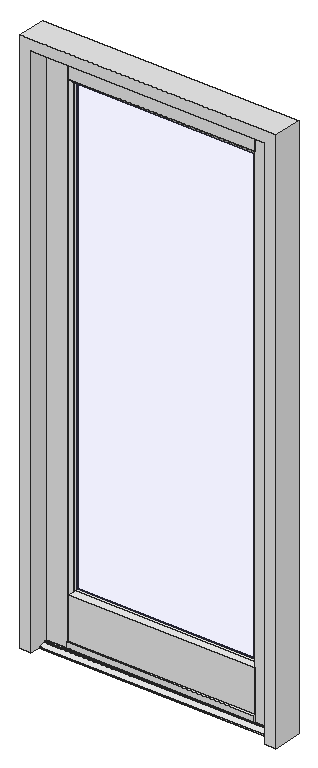
Revit family "kawneer-350_medstile-sgl-frt-02_17317", category Doors, host Wall, Revit 2015
Parameters (values of type "3' x 7' B.R. 7 1/2"")
  URL = "http://www.kawneer.com/kawneer/north_america/en/product.asp?cat_id=1339&prod_id=1816"
  Type Comments = "OFFSET PIVOT / BUTT HUNG"
  Thickness = 0' - 1 3/4"
  Rough Width = Width + 0' 4"  # 3' - 4"
  Rough Height = Height + 0' 2"  # 7' - 2"
  Product data url = "https://bimobject.com/kawneerna/product/17196"
  Operation = " "
  Model = "Single 350 Medium Stile Door Front Set B.R. 7 1/2\""
  Manufacturer = "Kawneer"
  Height = 7' - 0"
  Wall Closure = By host
  Width = 3' - 0"
  Function = Interior
  Door Panel = Kawneer - Fluropon_Bone White-391X035
  Door Glazing = Glass
  Door Frame = Kawneer - Fluropon_Bone White-391X035
  Description = "The \"350\" medium stile entrance door offers a rugged appearance, features dual-moment corner construction and is designed for schools, institutions, and other high traffic conditions."
  Bottom Rail Height = 0' - 7 1/2"
  Assembly Code = "B2030110"
Types (2): name | Operation | Model | Description | Bottom Rail Height
  3' x 7' B.R. 6 1/2" | "" | "Single 350 Medium Stile Door Front Set B.R. 3 7/8\"" | "The \"350\" medium stile entrance door offers a rugged appearance, features dual-moment corner construction and is designed for schools, institutions, and other high traffic conditions.\r\neered for moderate traffic in applications such as stores, offices and apartment buildings. Vertical stile measures 2-1/8\" (54); top rail 2-1/4\" (57.2) and bottom rail 3-7/8\" (98.4).  " | 0' - 6 1/2"
  3' x 7' B.R. 7 1/2" | " " | "Single 350 Medium Stile Door Front Set B.R. 7 1/2\"" | "The \"350\" medium stile entrance door offers a rugged appearance, features dual-moment corner construction and is designed for schools, institutions, and other high traffic conditions." | 0' - 7 1/2"
Reference planes (in)
  plane 1: y = 0
  plane 2 "Center": x = 0
  plane 3 "Left": x = -18
  plane 4 "Right": x = 18
  plane 5 "Top": z = 84
  plane 6 "Glass center": y = 0.125
  plane 7: z = 8.1875
  plane 8: z = 0.6875
  plane 9: y = 2.15625
Forms (in)
  Sweep 1, solid, material "Kawneer - Fluropon_Bone White-391X035" <- "Door Frame"
    path origin (-60, 3, 0) x (-1, 0, 0) y (0, 0, 1)
      loop
        line (-78, 0) -> (-78, 84) -> (-42, 84) -> (-42, 0)
    profile origin (0, 0, 42) x (1, 0, 0) y (0, 1, 0)
      loop
        line (20, 2.25) -> (18.25, 2.25) -> (18.25, -2.25) -> (20, -2.25) -> (20, 2.25)
  Extrusion 2, solid, material "Glass" <- "Door Glazing"
    sketch origin (0, 0.125, 0) x (1, 0, 0) y (0, 0, 1)
      loop
        line (14.625, 8.375) -> (14.625, 80.3125) -> (-14.46875, 80.3125) -> (-14.46875, 8.375) -> (14.625, 8.375)
    from -1.28125 to -1.03125
  Extrusion 3, solid, material "Kawneer - Fluropon_Bone White-391X035" <- "Door Panel"
    sketch origin (0, -0.21875, 0) x (1, 0, 0) y (0, 1, 0)
      loop
        line (18.15625, 2.375) -> (14.65625, 2.375) -> (14.65625, 2.31012) -> (14.12625, 1.8705) -> (14.12625, 1.77617) -> (13.99256, 1.625) -> (14.625, 1.625) -> (14.625, 1.375) -> (13.9937, 1.375) -> (14.12625, 1.22377) -> (14.12625, 1.1295) -> (14.65625, 0.75) -> (14.65625, 0.625) -> (17.87752, 0.625)
        arc (17.87752, 0.625) -> (18.01034, 0.68002) -> (18.06535, 0.81283) r 0.18783
        line (18.06535, 0.81283) -> (18.15625, 2.375)
    from 0.6875 to 84
  Extrusion 4, solid, material "Kawneer - Fluropon_Bone White-391X035" <- "Door Panel"
    sketch origin (0, -0.21875, 0) x (-1, 0, 0) y (0, -1, 0)
      loop
        line (18.15625, -2.375) -> (18.06535, -0.81283)
        arc (18.06535, -0.81283) -> (18.01034, -0.68002) -> (17.87752, -0.625) r 0.18783
        line (17.87752, -0.625) -> (14.65625, -0.625) -> (14.65625, -0.68988) -> (14.12625, -1.1295) -> (14.12625, -1.22377) -> (13.9937, -1.375) -> (14.46875, -1.375) -> (14.46875, -1.625) -> (13.99256, -1.625) -> (14.12625, -1.77617) -> (14.12625, -1.8705) -> (14.65625, -2.31012) -> (14.65625, -2.375) -> (18.15625, -2.375)
    from 0.6875 to 84
  Extrusion 5, solid, material "Kawneer - Fluropon_Bone White-391X035" <- "Door Panel"
    sketch origin (0, 1.15625, 0) x (0, 1, 0) y (0, 0, 1)
      loop
        line (-0.75, 84) -> (-0.75, 80.5) -> (-0.68484, 80.5) -> (-0.24521, 79.97) -> (-0.15138, 79.97) -> (0, 79.83732) -> (0, 80.3125) -> (0.24999, 80.3125) -> (0.24999, 79.82482) -> (0.40117, 79.97) -> (0.49715, 79.97) -> (0.93677, 80.5) -> (1, 80.5) -> (1, 84) -> (0.888, 84) -> (0.888, 83.25) -> (-0.612, 83.25) -> (-0.612, 84) -> (-0.75, 84)
    from -14.65625 to 14.65625
  Extrusion 6, solid, material "Kawneer - Fluropon_Bone White-391X035" <- "Door Panel"
    sketch origin (0, -0.34375, 0.15278) x (0, 1, 0) y (0, 0, 1)
      loop
        line (2.5, 0.53472) -> (2.5, 8.03472) -> (2.43512, 8.03472) -> (2.0085, 8.56703) -> (1.94736, 8.56703)
        arc (1.94736, 8.56703) -> (1.82437, 8.6428) -> (1.75, 8.76663) r 0.30526
        line (1.75, 8.76663) -> (1.75, 8.22222) -> (1.5, 8.22222) -> (1.5, 8.76663)
        arc (1.5, 8.76663) -> (1.42562, 8.6428) -> (1.30264, 8.56703) r 0.30526
        line (1.30264, 8.56703) -> (1.2675, 8.56703) -> (0.82596, 8.03472) -> (0.75, 8.03472) -> (0.75, 1.5921) -> (0.51155, 1.52781) -> (0.51155, 0.64322) -> (0.59155, 0.64322) -> (0.71055, 0.41022)
        arc (0.71055, 0.41022) -> (0.74752, 0.3939) -> (0.76384, 0.43087) r 0.02858
        line (0.76384, 0.43087) -> (0.68155, 0.64322) -> (0.75, 0.64322) -> (0.75, 0.53472) -> (0.888, 0.53472) -> (0.888, 1.25347) -> (2.388, 1.25347) -> (2.388, 0.53472) -> (2.5, 0.53472)
      loop
        line (0.901, 1.37847) -> (2.375, 1.37847) -> (2.375, 7.53572)
        arc (2.375, 7.53572) -> (2.25594, 7.55359) -> (2.201, 7.66072) r 0.1319
        line (2.201, 7.66072) -> (2.201, 7.84722) -> (1.075, 7.84722) -> (1.075, 7.66072)
        arc (1.075, 7.66072) -> (1.02006, 7.55359) -> (0.901, 7.53572) r 0.1319
        line (0.901, 7.53572) -> (0.901, 1.37847)
    from -14.65625 to 14.65625
  Extrusion 7, solid, material "Kawneer - Fluropon_Bone White-391X035" <- "Door Frame", detail levels medium+fine
    sketch origin (0, -0.34375, 0) x (0, 1, 0) y (0, 0, 1)
      loop
        line (2.40824, 0.342) -> (2.82032, 0.342) -> (3.31016, 0.1166)
        arc (3.31016, 0.1166) -> (3.33645, 0.09372) -> (3.34624, 0.06027) r 0.062
        line (3.34624, 0.06027) -> (3.34624, 0) -> (3.62824, 0) -> (3.62824, 0.10205)
        arc (3.62824, 0.10205) -> (3.62318, 0.11931) -> (3.60962, 0.13112) r 0.032
        line (3.60962, 0.13112) -> (2.80798, 0.5) -> (2.67111, 0.5)
        arc (2.67111, 0.5) -> (2.63911, 0.468) -> (2.60711, 0.5) r 0.032
        line (2.60711, 0.5) -> (2.45311, 0.5)
        arc (2.45311, 0.5) -> (2.42111, 0.468) -> (2.38911, 0.5) r 0.032
        line (2.38911, 0.5) -> (2.25324, 0.5) -> (2.25324, 0.45) -> (1.00324, 0.45) -> (1.00324, 0.5) -> (0.86737, 0.5)
        arc (0.86737, 0.5) -> (0.83537, 0.468) -> (0.80337, 0.5) r 0.032
        line (0.80337, 0.5) -> (0.64937, 0.5)
        arc (0.64937, 0.5) -> (0.61737, 0.468) -> (0.58537, 0.5) r 0.032
        line (0.58537, 0.5) -> (0.4485, 0.5) -> (-0.35314, 0.13112)
        arc (-0.35314, 0.13112) -> (-0.36671, 0.11931) -> (-0.37176, 0.10205) r 0.032
        line (-0.37176, 0.10205) -> (-0.37176, 0) -> (-0.08976, 0) -> (-0.08976, 0.06027)
        arc (-0.08976, 0.06027) -> (-0.07997, 0.09372) -> (-0.05368, 0.1166) r 0.062
        line (-0.05368, 0.1166) -> (0.43616, 0.342) -> (0.84724, 0.342) -> (0.84724, 0.28492) -> (2.40824, 0.28492) -> (2.40824, 0.342)
    from -18.25 to 18.25
Lines and regions (in)
  Opening 1
    outline origin (-90, -3, 0) x (1, 0, 0) y (0, 0, 1)
      loop
        line (70, 0) -> (110, 0) -> (110, 86) -> (70, 86) -> (70, 0)
  symbolic lines, style "Elevation Swing"
    curve 1: line (18, 3, 0) -> (-18, 3, 42)
    curve 2: line (-18, 3, 42) -> (18, 3, 84)
  symbolic lines
    curve 3: line (-18, 2.15625, 0) -> (-16.25, 2.15625, 0)
    curve 4: line (-18, 38.25, 0) -> (-18, 2.15625, 0)
    curve 5: line (-16.25, 38.25, 0) -> (-18, 38.25, 0)
    curve 6: line (-16.25, 2.15625, 0) -> (-16.25, 38.25, 0)
    curve 7: arc (-18, 38.25, 0) -> (7.06869, 27.86621, 0) -> (17.45248, 2.79752, 0) r 35.45248
Text (in)
  text "Exterior" at (-58.67754, 27.31104, 0), in view "Floor Line"
  text "Interior" at (-58.34764, -25.14366, 0), in view "Floor Line"
  text "Exterior" at (0, 40.15149, 123.01588), in view "Right"
  text "Interior" at (0, -64.39139, 123.01588), in view "Right"
  text "Interior" at (0, -31.01599, 123.00693), in view "Left"
  text "Exterior" at (0, 54.57065, 123.00693), in view "Left"
Dimensions and locks (in)
  equal spacing: plane 3 "Left", plane 2 "Center", plane 4 "Right"
  "Height": level to plane 5 "Top"
  "Width": plane 3 "Left" to plane 4 "Right"
  equal spacing: host wall, curve 2, plane 5 "Top"
  locked: plane 4 "Right" to Opening 1 sketch curve at 2
  locked: Opening 1 sketch curve to plane 3 "Left" at 2
  locked: plane 5 "Top" to Opening 1 sketch curve at 2
  locked: Sweep 1 sketch curve to Sweep 1 sketch curve at 4.5
  locked: profile plane to Sweep 1 sketch curve at 2
  "Width": curve 5 to Sweep 1
  "Thickness": plane 3 "Left" to curve 6
  locked: Sweep 1 to Sweep 1 at 1.75  (x2)
  locked: Extrusion 5 sketch curve to plane 5 "Top" at 3.5
  locked: plane 8 to level at 0.6875
  "Bottom Rail Height": plane 7 to plane 8
  locked: Extrusion 5 sketch curve to Extrusion 5 sketch curve at 1.75
  Extrusion 5 to host wall = 0' - 0 27/32"
  equal spacing: Sweep 1 sketch curve, host wall, Sweep 1 sketch curve
  plane 3 "Left" to Extrusion 4 sketch curve to Extrusion 4 sketch curve = 0' - 3 11/32", 0' - 0.66256"
  locked: Extrusion 4 sketch curve to Extrusion 4 sketch curve at 3.5
  locked: Extrusion 3 sketch curve to Extrusion 3 sketch curve at 3.5
  locked: Extrusion 3 sketch curve to Extrusion 3 sketch curve at 0.66369
  locked: Extrusion 4 sketch curve to Extrusion 4 sketch curve at 0.66369
  locked: plane 4 "Right" to Extrusion 3 sketch curve at 0.15625
  locked: Extrusion 4 sketch curve to plane 3 "Left" at 0.15625
  aligned and locked: Opening 1 sketch curve to level
  aligned and locked: plane 4 "Right" to curve 1
  aligned and locked: plane 3 "Left" to curve 1
  aligned and locked: plane 5 "Top" to curve 2
  aligned and locked: Extrusion 2 to Extrusion 4  (x2)
  aligned and locked: plane 4 "Right" to Sweep 1 sketch curve
  aligned and locked: Sweep 1 sketch curve to plane 3 "Left"
  aligned and locked: plane 5 "Top" to Sweep 1 sketch curve
  aligned and locked: Extrusion 5 sketch curve to Extrusion 5 sketch curve
  aligned and locked: plane 7 to Extrusion 6 sketch curve  (x2)
  aligned and locked: Extrusion 2 to Extrusion 6
  aligned and locked: Extrusion 5 to plane 5 "Top"  (x2)
  aligned and locked: Extrusion 3 sketch curve to Extrusion 3 sketch curve
  aligned and locked: Extrusion 3 to plane 5 "Top"
  aligned and locked: Extrusion 4 to plane 5 "Top"
  aligned and locked: Extrusion 2 to Extrusion 5
  aligned and locked: Extrusion 2 to Extrusion 3
  aligned and locked: Extrusion 5 to Extrusion 3
  aligned and locked: Extrusion 6 to Extrusion 3
  aligned and locked: Extrusion 4 sketch curve to Extrusion 4 sketch curve
  aligned and locked: Extrusion 7 to Sweep 1  (x2)
  aligned and locked: Extrusion 6 to Extrusion 4
  aligned and locked: Extrusion 5 to Extrusion 4
Automatic sketch dimensions
  curve 3 to plane 3 "Left" = 0' - 0"
  plane 4 "Right" to curve 7 = 0' - 0.54752"
  curve 1 to level = 0' - 0"
  curve 2 to plane 4 "Right" = 0' - 0"
  plane 6 "Glass center" to Extrusion 4 sketch curve = 0' - 1 9/32"
  plane 6 "Glass center" to Extrusion 4 sketch curve = 0' - 1.43242"
  Extrusion 4 sketch curve to Extrusion 4 sketch curve = 0' - 0.13369"
  plane 6 "Glass center" to Extrusion 4 sketch curve = 0' - 0.88002"
  Extrusion 4 sketch curve to Extrusion 4 sketch curve = 0' - 0.13256"
  Extrusion 4 sketch curve to Extrusion 4 sketch curve = 0' - 0.3425"
  plane 6 "Glass center" to Extrusion 4 sketch curve = 0' - 1.96637"
  host wall to Extrusion 4 sketch curve = 0' - 0.47113"
  plane 3 "Left" to Extrusion 4 sketch curve = 0' - 0.12248"
  Extrusion 4 sketch curve to plane 3 "Left" = 0' - 0.06535"
  Extrusion 4 sketch curve to Extrusion 4 sketch curve = 0' - 0.06488"
  Extrusion 4 sketch curve to Extrusion 4 sketch curve = 0' - 0.09427"
  Extrusion 4 sketch curve to Extrusion 4 sketch curve = 0' - 0.15123"
  Extrusion 4 sketch curve to Extrusion 4 sketch curve = 0' - 0.09433"
  host wall to Extrusion 4 sketch curve = 0' - 0 27/32"
  Extrusion 2 sketch curve to plane 3 "Left" = 0' - 3 17/32"
  curve 3 to host wall = 0' - 0 27/32"
  plane 4 "Right" to Extrusion 2 sketch curve = 0' - 3 3/8"
  level to Extrusion 2 sketch curve = 0' - 8 3/8"
  plane 5 "Top" to Extrusion 2 sketch curve = 0' - 3 11/16"
  Extrusion 5 sketch curve to plane 6 "Glass center" = 0' - 1 9/32"
  Extrusion 5 sketch curve to plane 6 "Glass center" = 0' - 1 1/32"
  Extrusion 5 sketch curve to Extrusion 5 sketch curve = 0' - 0.15138"
  Extrusion 5 sketch curve to Extrusion 5 sketch curve = 0' - 0.09383"
  Extrusion 5 sketch curve to Extrusion 5 sketch curve = 0' - 0.43962"
  Extrusion 5 sketch curve to Extrusion 5 sketch curve = 0' - 0.138"
  Extrusion 5 sketch curve to plane 6 "Glass center" = 0' - 1.43242"
  Extrusion 5 sketch curve to Extrusion 5 sketch curve = 0' - 0.09598"
  Extrusion 5 sketch curve to plane 5 "Top" = 0' - 0"  (x2)
  Extrusion 5 sketch curve to plane 6 "Glass center" = 0' - 1.91925"
  Extrusion 5 sketch curve to plane 6 "Glass center" = 0' - 1.96802"
  Extrusion 5 sketch curve to Extrusion 5 sketch curve = 0' - 0.112"
  Extrusion 5 sketch curve to Extrusion 5 sketch curve = 0' - 0 3/4"
  Extrusion 5 sketch curve to Extrusion 5 sketch curve = 0' - 0 3/16"
  Extrusion 5 sketch curve to Extrusion 5 sketch curve = 0' - 0.3425"  (x2)
  Extrusion 5 sketch curve to Extrusion 5 sketch curve = 0' - 0.13269"
  Extrusion 5 sketch curve to Extrusion 5 sketch curve = 0' - 0.14518"
  Extrusion 7 sketch curve to level = 0' - 0"  (x2)
  level to Extrusion 7 sketch curve = 0' - 0.10205"  (x2)
  host wall to Extrusion 7 sketch curve = 0' - 0.71551"
  level to Extrusion 7 sketch curve = 0' - 0.13112"
  Extrusion 7 sketch curve to Extrusion 7 sketch curve = 0' - 0.01862"
  level to Extrusion 7 sketch curve = 0' - 0.06027"
  host wall to Extrusion 7 sketch curve = 0' - 0.43351"
  level to Extrusion 7 sketch curve = 0' - 0.1166"
  Extrusion 7 sketch curve to Extrusion 7 sketch curve = 0' - 0.03608"
  Extrusion 7 sketch curve to host wall = 0' - 0.09241"
  Extrusion 7 sketch curve to Extrusion 7 sketch curve = 0' - 0.01233"  (x2)
  Extrusion 7 sketch curve to Extrusion 7 sketch curve = 0' - 0.13687"  (x2)
  Extrusion 7 sketch curve to Extrusion 7 sketch curve = 0' - 0.032"  (x5)
  Extrusion 7 sketch curve to Extrusion 7 sketch curve = 0' - 0.154"  (x2)
  Extrusion 7 sketch curve to Extrusion 7 sketch curve = 0' - 0.01187"
  Extrusion 7 sketch curve to Extrusion 7 sketch curve = 0' - 0.13587"  (x2)
  Extrusion 7 sketch curve to plane 6 "Glass center" = 0' - 1.78449"
  Extrusion 7 sketch curve to Extrusion 7 sketch curve = 0' - 0.01913"
  Extrusion 7 sketch curve to host wall = 0' - 0.05951"
  Extrusion 7 sketch curve to Extrusion 7 sketch curve = 0' - 0.02592"
  Extrusion 7 sketch curve to Extrusion 7 sketch curve = 0' - 0.062"
  Extrusion 7 sketch curve to Extrusion 7 sketch curve = 0' - 0 1/4"
  Extrusion 7 sketch curve to Extrusion 7 sketch curve = 0' - 0.01338"
  Extrusion 7 sketch curve to Extrusion 7 sketch curve = 0' - 0.06027"
  level to Extrusion 7 sketch curve = 0' - 0.28492"
  level to Extrusion 7 sketch curve = 0' - 0.342"
  Extrusion 7 sketch curve to Extrusion 7 sketch curve = 0' - 0.05708"
  Extrusion 7 sketch curve to Extrusion 7 sketch curve = 0' - 0.108"
  Extrusion 7 sketch curve to Extrusion 7 sketch curve = 0' - 0.158"
  Extrusion 7 sketch curve to Extrusion 7 sketch curve = 0' - 0.05"
  Sweep 1 sketch curve to level = 0' - 0"  (x2)
  Extrusion 6 sketch curve to plane 6 "Glass center" = 0' - 1 9/32"
  Extrusion 6 sketch curve to plane 6 "Glass center" = 0' - 1 1/32"
  Extrusion 6 sketch curve to Extrusion 6 sketch curve = 0' - 0.19736"
  Extrusion 6 sketch curve to Extrusion 6 sketch curve = 0' - 0 9/256"
  Extrusion 6 sketch curve to Extrusion 6 sketch curve = 0' - 0.05894"
  Extrusion 6 sketch curve to plane 7 = 0' - 0 3/16"
  Extrusion 6 sketch curve to Extrusion 6 sketch curve = 0' - 0.425"
  Extrusion 6 sketch curve to Extrusion 6 sketch curve = 0' - 0.1319"  (x2)
  Extrusion 6 sketch curve to Extrusion 6 sketch curve = 0' - 0.0421"  (x2)
  Extrusion 6 sketch curve to Extrusion 6 sketch curve = 0' - 0.013"
  Extrusion 6 sketch curve to Extrusion 6 sketch curve = 0' - 0.24904"
  Extrusion 6 sketch curve to Extrusion 6 sketch curve = 0' - 0.12416"
  Extrusion 6 sketch curve to Extrusion 6 sketch curve = 0' - 0.01384"
  Extrusion 6 sketch curve to Extrusion 6 sketch curve = 0' - 0.07596"
  Extrusion 6 sketch curve to Extrusion 6 sketch curve = 0' - 0.02665"  (x2)
  Extrusion 6 sketch curve to Extrusion 6 sketch curve = 0' - 0.06845"
  Extrusion 6 sketch curve to Extrusion 6 sketch curve = 0' - 0.09"
  Extrusion 6 sketch curve to Extrusion 6 sketch curve = 0' - 0.23845"
  Extrusion 6 sketch curve to plane 6 "Glass center" = 0' - 1.47861"
  Extrusion 6 sketch curve to Extrusion 6 sketch curve = 0' - 0.06114"
  Extrusion 6 sketch curve to plane 6 "Glass center" = 0' - 1.57269"
  Extrusion 6 sketch curve to plane 6 "Glass center" = 0' - 1.73225"
  Extrusion 6 sketch curve to plane 6 "Glass center" = 0' - 1.91925"
  Extrusion 6 sketch curve to Extrusion 6 sketch curve = 0' - 0.23412"
  Extrusion 6 sketch curve to Extrusion 6 sketch curve = 0' - 0.06488"
  Extrusion 6 sketch curve to Extrusion 6 sketch curve = 0' - 0.1865"  (x2)
  level to Extrusion 6 sketch curve = 0' - 1.74489"
  Extrusion 6 sketch curve to Extrusion 6 sketch curve = 0' - 0.06429"
  Extrusion 6 sketch curve to Extrusion 6 sketch curve = 0' - 0.21364"
  Extrusion 6 sketch curve to Extrusion 6 sketch curve = 0' - 0 1/8"
  Extrusion 6 sketch curve to Extrusion 6 sketch curve = 0' - 0.61025"
  Extrusion 6 sketch curve to Extrusion 6 sketch curve = 0' - 0"  (x2)
  Extrusion 6 sketch curve to Extrusion 6 sketch curve = 0' - 0.1085"
  level to Extrusion 6 sketch curve = 0' - 0 11/16"
  Extrusion 6 sketch curve to Extrusion 6 sketch curve = 0' - 0.10384"
  Extrusion 6 sketch curve to Extrusion 6 sketch curve = 0' - 0.01033"
  plane 7 to Extrusion 6 sketch curve = 0' - 0 3/16"
  Extrusion 6 sketch curve to Extrusion 6 sketch curve = 0' - 0.34482"  (x2)
  Extrusion 6 sketch curve to Extrusion 6 sketch curve = 0' - 0.1996"
  Sweep 1 sketch curve to profile plane = 0' - 0 1/4"
  Extrusion 3 sketch curve to plane 6 "Glass center" = 0' - 1 9/32"
  Extrusion 3 sketch curve to plane 6 "Glass center" = 0' - 1 1/32"
  Extrusion 3 sketch curve to Extrusion 3 sketch curve = 0' - 0.00113"
  Extrusion 3 sketch curve to plane 6 "Glass center" = 0' - 0.78575"
  Extrusion 3 sketch curve to Extrusion 3 sketch curve = 0' - 0.13256"
  Extrusion 3 sketch curve to Extrusion 3 sketch curve = 0' - 0.13369"
  Extrusion 3 sketch curve to host wall = 0' - 0 17/32"
  plane 4 "Right" to Extrusion 3 sketch curve = 0' - 0.12248"
  Extrusion 3 sketch curve to plane 4 "Right" = 0' - 0.06535"
  Extrusion 3 sketch curve to plane 4 "Right" = 0' - 0 5/32"
  Extrusion 3 sketch curve to host wall = 0' - 0 13/32"
  Extrusion 3 sketch curve to Extrusion 3 sketch curve = 0' - 0.09427"
  Extrusion 3 sketch curve to plane 6 "Glass center" = 0' - 1.43242"
  Extrusion 3 sketch curve to Extrusion 3 sketch curve = 0' - 0.09433"
  Extrusion 3 sketch curve to plane 6 "Glass center" = 0' - 1.96637"
  Extrusion 3 sketch curve to Extrusion 3 sketch curve = 0' - 0.06488"
  Extrusion 5 sketch curve to Extrusion 5 sketch curve = 0' - 0"
  Extrusion 3 sketch curve to Extrusion 3 sketch curve = 0' - 0 1/32"
